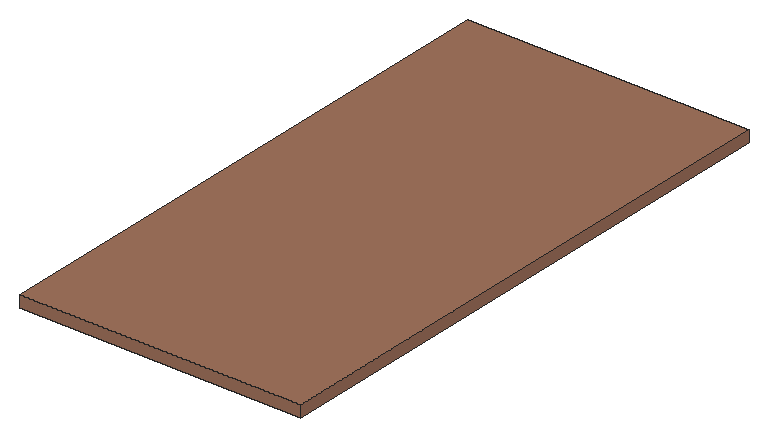
Revit family "D3 - 18x36", category Generic Models, host Face, Revit 2023
Family settings
  Host = Face
  Can host rebar = No
  Round Connector Dimension = Use Diameter
  Part Type = Normal
  Cut with Voids When Loaded = No
  Maintain Annotation Orientation = No
  Shared = No
  Room Calculation Point = No
Parameters (values of type "D3 - UMBER - 18 X 36")
  Default Elevation = 4' - 0"
  Cambio Material = WF - D3 - UMBER
Types (8): name | Cambio Material
  D3 - CLEAR - 18 X 36 | WF - D3 - CLEAR
  D3 - CASCADIAN BROWN - 18 X 36 | WF - D3 - CASCADIAN BROWN
  D3 - ANTHRACITE - 18 X 36 | WF - D3 - ANTHRACITE
  D3 - CHESTNUT - 18 X 36 | WF - D3 - CHESTNUT
  D3 - UMBER - 18 X 36 | WF - D3 - UMBER
  D3 - WARM BROWN - 18 X 36 | WF - D3 - WARM BROWN
  D3 - LEATHER - 18 X 36 | WF - D3 - LEATHER
  D3 - EBONY - 18 X 36 | WF - D3 - EBONY
Reference planes (in)
  plane 1 "Center (Front/Back)": y = 0
  plane 2: z = 0
  plane 3 "Center (Left/Right)": x = 0
  plane 4: z = 0.75
Forms (in)
  Extrusion 1, solid, material "WF - D3 - UMBER" <- "Cambio Material"
    sketch origin (0, 0, 1.5) x (0, -1, 0) y (1, 0, 0)
      loop
        line (-18, -9) -> (18, -9) -> (18, 9) -> (-18, 9) -> (-18, -9)
    from -1.5 to -0.75
Dimensions and locks (in)
  Extrusion 1 sketch curve to plane 3 "Center (Left/Right)" to Extrusion 1 sketch curve = 0' - 9" locked, 0' - 9" locked
  Extrusion 1 sketch curve to plane 1 "Center (Front/Back)" to Extrusion 1 sketch curve = 1' - 6" locked, 1' - 6" locked
  aligned and locked: plane 2 to host face
  aligned and locked: level to host face
